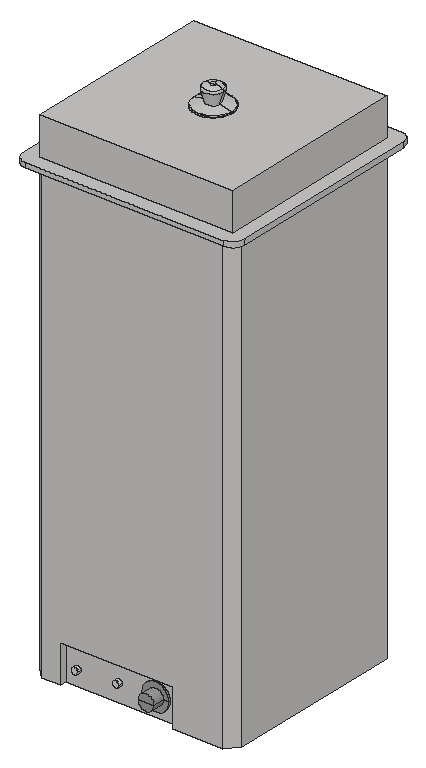
Revit family "QF_BOURGEAT_silo_encastrable_modele_carre_assiettes260", category Equipement spécialisé, Revit 2015
Parameters (values of type "silo_carre_assiettes260_neutre")
  prof_const = 325 mm
  larg_const = 325 mm
  diag_const = 369 mm
  URL catalogue = "http://www.bourgeat.fr"
  URL = ""
  Type de Raccord Electrique = ""
  Type article = ""
  Tension = 0 V
  Spécification du Fabricant = "SILO A NIVEAU CONSTANT ENCASTRABLE"
  Remarques Electricité = ""
  Puissance électrique  = 0 W
  Profondeur hors tout = 355 mm
  Poids net à vide = 9.00 kg
  Phase = 0
  Modèle = "777539"
  Longueur hors tout = 355 mm
  Intensité nominale = 0 A
  Indice de protection = "0"
  Hauteur hors tout = 833 mm
  Fréquence = 0 Hz
  Fabricant = "BOURGEAT"
  Contact SAV = "0033(0)4.76.32.14.44"
  Charge max = 70.00 kg
Types (3, lengths in mm): name | Tension | Puissance électrique  | Phase | Modèle | Intensité nominale | Indice de protection | Fréquence
  (no name) | 0 V | 0 W | 0 | "777539" | 0 A | "0" | 0 Hz
  silo_carre_assiettes260_chauffant_non_ventile | 230 V | 900 W | 2 | "777439" | 3.91304 A | "21" | 50 Hz
  silo_carre_assiettes260_neutre | 0 V | 0 W | 0 | "777539" | 0 A | "0" | 0 Hz
Reference planes
  plane 1 "Centre (avant/arrière)": y = 0
  plane 2: z = 0
  plane 3 "Centre (gauche/droite)": x = 0
  plane 4: x = 162.5
  plane 5: x = -162.5
  plane 6: y = 162.5
  plane 7: y = -162.5
  plane 8: through (-153.796, -153.796, 1200) normal (-0.7071, -0.7071, 0)
  plane 9: through (153.796, 153.796, 1200) normal (0.7071, 0.7071, 0)
  plane 10: through (-153.796, 153.796, 1200) normal (-0.7071, 0.7071, 0)
  plane 11: through (153.796, -153.796, 1200) normal (0.7071, -0.7071, 0)
  plane 12: z = 734
  plane 13: z = 742
  plane 14: y = 177.5
  plane 15: y = -177.5
  plane 16: x = -177.5
  plane 17: x = 177.5
  plane 18: x = 64.5
  plane 19: x = -115
  plane 20: z = 60
  plane 21: y = -152.5
  plane 22: z = 833
  plane 23: through (0, 0, 1200) normal (-0.7071, 0.7071, 0)
  plane 24: through (0, 0, 1200) normal (-0.7071, -0.7071, 0)
  plane 25: x = 155
  plane 26: x = -155
  plane 27: y = 155
  plane 28: y = -155
  plane 29: z = 802
Forms (mm)
  Extrusion 1, solid, material "Acier inoxydable, brossé"
    sketch origin (0, 0, 0) x (1, 0, 0) y (0, 1, 0)
      loop
        line (-145.091, 162.5) -> (-162.5, 145.091) -> (-162.5, -145.091) -> (-145.091, -162.5) -> (145.091, -162.5) -> (162.5, -145.091) -> (162.5, 145.091) -> (145.091, 162.5) -> (-145.091, 162.5)
    from 0 to 734
  Extrusion 2, void
    sketch origin (0, 0, 0) x (1, 0, 0) y (0, 0, 1)
      loop
        line (-115, 60) -> (-115, 0) -> (64.5, 0) -> (64.5, 60) -> (-115, 60)
    from 152.5 to 250
  Extrusion 3, solid
    sketch origin (55.674, 0, -1.465) x (1, 0, 0) y (0, 0, 1)
      loop
        circle (-85.123, 30.5) r 5
    from 152.5 to 158.679
  Extrusion 4, solid, material "Acier inoxydable, brossé"
    sketch origin (0, 0, 0) x (1, 0, 0) y (0, 1, 0)
      loop
        arc (-159.5, 177.5) -> (-172.228, 172.228) -> (-177.5, 159.5) r 18
        line (-177.5, 159.5) -> (-177.5, -159.5)
        arc (-177.5, -159.5) -> (-172.228, -172.228) -> (-159.5, -177.5) r 18
        line (-159.5, -177.5) -> (159.5, -177.5)
        arc (159.5, -177.5) -> (172.228, -172.228) -> (177.5, -159.5) r 18
        line (177.5, -159.5) -> (177.5, 159.5)
        arc (177.5, 159.5) -> (172.228, 172.228) -> (159.5, 177.5) r 18
        line (159.5, 177.5) -> (-159.5, 177.5)
    from 734 to 742
  Extrusion 5, solid, material "Acier inoxydable, brossé"
    sketch origin (0, 0, 0) x (1, 0, 0) y (0, 1, 0)
      loop
        line (-155, 155) -> (-155, -155) -> (155, -155) -> (155, 155) -> (-155, 155)
    from 742 to 802
Cuts and joins
  Extrusion 2 cuts Extrusion 1
Dimensions and locks
  "larg_const": plane 5 to plane 4
  "prof_const": plane 6 to plane 7
  plane 10 to plane 23 to plane 11 = 217.5 mm, 217.5 mm
  plane 9 to plane 24 to plane 8 = 217.5 mm, 217.5 mm
  equal spacing: plane 5, plane 3 "Centre (gauche/droite)", plane 4
  equal spacing: plane 6, plane 1 "Centre (avant/arrière)", plane 7
  plane 14 to plane 1 "Centre (avant/arrière)" to plane 15 = 177.5 mm, 177.5 mm
  plane 16 to plane 3 "Centre (gauche/droite)" to plane 17 = 177.5 mm, 177.5 mm
  plane 21 to plane 15 = 25 mm
  plane 22 to plane 2 = 833 mm
  plane 4 to plane 18 = 98 mm
  plane 19 to plane 18 = 179.5 mm
  aligned and locked: level to plane 2
  aligned and locked: plane 12 to Extrusion 1
  aligned and locked: Extrusion 2 sketch curve to plane 20
  aligned and locked: Extrusion 2 sketch curve to plane 19
  aligned and locked: plane 2 to Extrusion 2 sketch curve
  aligned and locked: Extrusion 2 sketch curve to plane 18
  aligned and locked: plane 21 to cut or joined group of Extrusion 1, Extrusion 2
  aligned and locked: cut or joined group of Extrusion 1, Extrusion 2 to Extrusion 3
  aligned and locked: plane 10 to Extrusion 1 sketch curve
  aligned and locked: plane 6 to Extrusion 1 sketch curve
  aligned and locked: plane 9 to Extrusion 1 sketch curve
  aligned and locked: plane 4 to Extrusion 1 sketch curve
  aligned and locked: plane 11 to Extrusion 1 sketch curve
  aligned and locked: plane 7 to Extrusion 1 sketch curve
  aligned and locked: plane 5 to Extrusion 1 sketch curve
  aligned and locked: plane 8 to Extrusion 1 sketch curve
  aligned and locked: plane 21 to nested 1
  aligned and locked: Extrusion 4 sketch curve to plane 14
  aligned and locked: Extrusion 4 sketch curve to plane 16
  aligned and locked: Extrusion 4 sketch curve to plane 15
  aligned and locked: Extrusion 4 sketch curve to plane 17
  aligned and locked: plane 13 to Extrusion 4
  aligned and locked: Extrusion 4 to plane 12
  aligned and locked: Extrusion 5 sketch curve to plane 27
  aligned and locked: Extrusion 5 sketch curve to plane 26
  aligned and locked: Extrusion 5 sketch curve to plane 28
  aligned and locked: Extrusion 5 sketch curve to plane 25
  aligned and locked: plane 29 to Extrusion 5
  aligned and locked: Extrusion 5 to plane 13
  aligned and locked: nested 2 to plane 29
Automatic sketch dimensions
  Extrusion 3 sketch curve to plane 19 = 85.552 mm
  Extrusion 3 sketch curve to plane 20 = 30.965 mm
  Extrusion 4 sketch curve to plane 5 = 3 mm  (x2)
  Extrusion 4 sketch curve to plane 4 = 3 mm  (x2)
  radius of Extrusion 3 sketch curve = 5 mm
Nested families
  nested 1: "bouton_rond" at (31, -152.5, 30.5) x (-1, 0, 0) z (0, 0, 1), type "bouton_rond"
  nested 2: "couvercle_rond" at (0, 0, -206), type "couvercle_rond"
  nested 3: "Famille3" at (-95.5, -152.5, 25) x (1, 0, 0) z (0, -1, 0), type "Famille3"
Connectors
  electrical at (-95.5, -158.471, 25), driven by "Tension"
    settings: on nested 3, index 1, voltage 0 V, apparent load 0 VA, apparent load phase1 900 VA, apparent load phase2 0 VA, apparent load phase3 0 VA, power factor 1, load classification "Autre", number of poles 1, system type 30, power factor state 1, is connector primary yes, connector utility no, sub classification motor no, connector description ""
Definition of nested family "bouton_rond"
  Reference planes
    plane 1 "Centre (avant/arrière)": y = 0
    plane 2: z = 0
    plane 3 "Centre (gauche/droite)": x = 0
    plane 4: y = 2
    plane 5: y = 21
    plane 6: x = -21.5
    plane 7: x = -12.5
  Forms (mm)
    Revolve 1, solid
      sketch origin (0, 0, 0) x (1, 0, 0) y (0, 1, 0)
        loop
          line (0, 0) -> (0, 21) -> (-12.5, 21) -> (-12.5, 2) -> (-21.5, 2) -> (-21.5, 0) -> (0, 0)
        axis (0, 21) -> (0, 0)
      angle from 0 to 360
  Dimensions and locks
    aligned and locked: level to plane 2
Definition of nested family "couvercle_rond"
  Parameters (values of type "couvercle_rond")
    diametre = 328 mm
    Profondeur_hors_tout = 505 mm
    Largeur_hors_tout = 442 mm
  Reference planes
    plane 1 "Centre (avant/arrière)": y = 0
    plane 2: z = 0
    plane 3 "Centre (gauche/droite)": x = 0
    plane 4: x = 252.5
    plane 5: x = -252.5
    plane 6: y = 221
    plane 7: y = -221
    plane 8: z = 165
    plane 9: z = 898
    plane 10: z = 845
    plane 11: z = 186.5
    plane 12: z = 1048
    plane 13: x = -164
    plane 14: x = 164
    plane 15: z = 1008
    plane 16: x = 31
    plane 17: x = -31
  Forms (mm)
    Revolve 1, solid
      sketch origin (0, 0, -9) x (1, 0, 0) y (0, 0, 1)
        loop
          line (0, 1048) -> (-5, 1048)
          arc (-5, 1048) -> (-10.071, 1047.323) -> (-14.787, 1045.338) r 19.326
          arc (-14.787, 1045.338) -> (-16.044, 1043.889) -> (-16.166, 1041.975) r 3
          line (-16.166, 1041.975) -> (-11.137, 1023.206) -> (-30.225, 1018.799)
          arc (-30.225, 1018.799) -> (-30.783, 1018.447) -> (-31, 1017.825) r 1
          line (-31, 1017.825) -> (-31, 1017) -> (0, 1017) -> (0, 1048)
        axis (0, 1048) -> (0, 1017)
      angle from 0 to 360
  Dimensions and locks
    equal spacing: plane 6, plane 1 "Centre (avant/arrière)", plane 7
    "Largeur_hors_tout": plane 6 to plane 7
    "Profondeur_hors_tout": plane 5 to plane 4
    equal spacing: plane 5, plane 3 "Centre (gauche/droite)", plane 4
    equal spacing: plane 13, plane 3 "Centre (gauche/droite)", plane 14
    plane 15 to plane 9 = 110 mm
    "diametre": plane 13 to plane 14
    aligned and locked: level to plane 2
    aligned and locked: Revolve 1 to plane 15
  Automatic sketch dimensions
    plane 15 to Revolve 1 sketch curve = 0 mm
    plane 17 to Revolve 1 sketch curve = 0 mm
    Revolve 1 sketch curve to plane 12 = 9 mm
    Revolve 1 sketch curve to plane 3 "Centre (gauche/droite)" = 0 mm  (x2)
    Revolve 1 sketch curve to plane 17 = 0.775 mm
    Revolve 1 sketch curve to Revolve 1 sketch curve = 0.225 mm
    Revolve 1 sketch curve to plane 12 = 15.025 mm
    Revolve 1 sketch curve to plane 17 = 14.834 mm
    Revolve 1 sketch curve to Revolve 1 sketch curve = 2.898 mm
    Revolve 1 sketch curve to plane 3 "Centre (gauche/droite)" = 11.137 mm
    Revolve 1 sketch curve to plane 3 "Centre (gauche/droite)" = 5 mm
    plane 15 to Revolve 1 sketch curve = 0.825 mm
    plane 15 to Revolve 1 sketch curve = 6.206 mm
    Revolve 1 sketch curve to Revolve 1 sketch curve = 5.468 mm
    Revolve 1 sketch curve to Revolve 1 sketch curve = 0.776 mm
    Revolve 1 sketch curve to Revolve 1 sketch curve = 5.041 mm
    Revolve 1 sketch curve to plane 12 = 5.041 mm
Definition of nested family "Famille3"
  Parameters (values of type "Famille3")
    Default Elevation = 1219.2 mm
  Reference planes
    plane 1 "Centre (avant/arrière)": y = 0
    plane 2: z = 0
    plane 3 "Centre (gauche/droite)": x = 0
  Forms (mm)
    Extrusion 1, solid
      sketch origin (0, 0, 0) x (1, 0, 0) y (0, 1, 0)
        loop
          line (-1219.2, 1219.2) -> (-1219.2, -1219.2) -> (1219.2, -1219.2) -> (1219.2, 1219.2) -> (-1219.2, 1219.2)
      from 0 to -304.8
    Extrusion 2, solid
      sketch origin (0, 0, 0) x (1, 0, 0) y (0, 1, 0)
        loop
          circle (0, 0) r 5
      from 0 to 5.971
  Dimensions and locks
    aligned and locked: plane 2 to Extrusion 1
    aligned and locked: level to Extrusion 1
